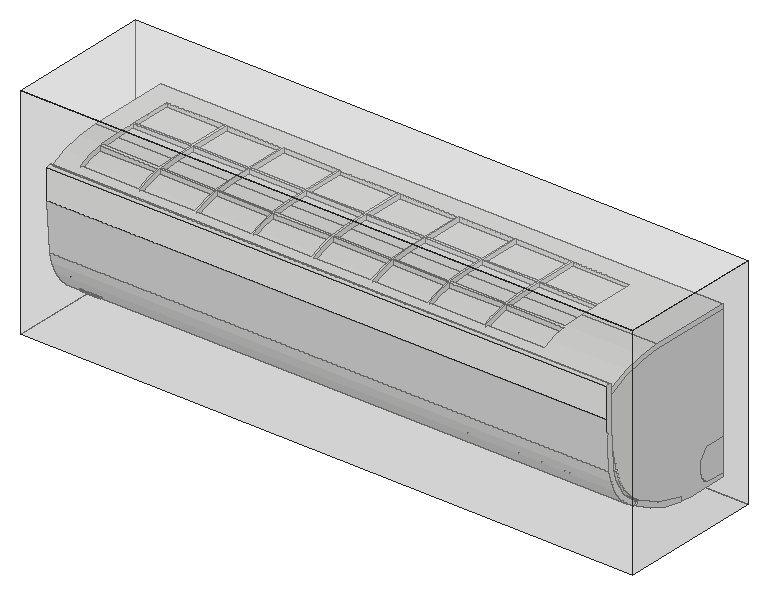
Revit family "outputfile", category 機械設備, Revit 2024
Family settings
  丸型コネクタ寸法 = 半径を使用
  パーツ タイプ = 標準
  OmniClass 番号 = 23.75.10.24.21.27.27
  OmniClass タイトル = Split System Air Conditioning Units
  作業面ベース = いいえ
  常に垂直 = はい
  ロード時にボイドで切り取り = いいえ
  注釈の向きを維持 = いいえ
  共有 = いいえ
  部屋計算ポイント = いいえ
Parameters (values of type "FXAQ63AVM4")
  Description = ""
  製造元 = "Daikin"
  書き出し IFC クラス(タイプ) = "IfcUnitaryEquipmentType"
  定義済み IFC タイプ(タイプ) = "AIRCONDITIONINGUNIT"
  Cost = 0
  モデル = "FXAQ63AVM4"
  Type Comments = ""
  Keynote = ""
  Type Image = (empty or 0)
  Assembly Code = ""
  w3_Indoor air flow = if(Width = 1050.0 mm, 109.0 mm, 1.0 mm)  # 109.0 mm
  w2_Indoor air flow = if(Width = 1050.0 mm, 103.0 mm, 98.0 mm)  # 103.0 mm
  w1_Indoor air flow = if(Width = 1050.0 mm, 108.0 mm, 103.0 mm)  # 108.0 mm
  r_Liquid Pipe Size = Liquid Pipe Size / 2  # 4.75 mm
  r_Gas Pipe Size = Gas Pipe Size / 2  # 7.95 mm
  r_Drain Pipe Size = Drain Pipe Size / 2  # 7.5 mm
  lw_powersupply [instance] = if(Width = 795.0 mm, if(or(Rear Right Connection_refrigerant, Bottom Right Connection_refrigerant), 83.0 mm, if(or(Rear Left Connection_refrigerant, Bottom Left Connection_refrigerant), 740.0 mm, 400.0 mm)), if(Width = 1050.0 mm, if(or(Rear Right Connection_refrigerant, Bottom Right Connection_refrigerant), 83.0 mm, if(or(Rear Left Connection_refrigerant, Bottom Left Connection_refrigerant), 712.0 mm + (1050.0 mm - 795.0 mm), 400.0 mm)), if(or(Rear Right Connection_refrigerant, Bottom Right Connection_refrigerant), 83.0 mm, if(or(Rear Left Connection_refrigerant, Bottom Left Connection_refrigerant), 712.0 mm, 400.0 mm))))  # 400.0 mm
  lw_liquidpipe [instance] = if(Width = 795.0 mm, if(or(Rear Right Connection_refrigerant, Bottom Right Connection_refrigerant), 0.0 mm, if(or(Rear Left Connection_refrigerant, Bottom Left Connection_refrigerant), 627.0 mm, 460.0 mm)), if(Width = 1050.0 mm, if(or(Rear Right Connection_refrigerant, Bottom Right Connection_refrigerant), 0.0 mm, if(or(Rear Left Connection_refrigerant, Bottom Left Connection_refrigerant), 627.0 mm + (1050.0 mm - 795.0 mm), 460.0 mm)), if(or(Rear Right Connection_refrigerant, Bottom Right Connection_refrigerant), 0.0 mm, if(or(Rear Left Connection_refrigerant, Bottom Left Connection_refrigerant), 627.0 mm, 460.0 mm))))  # 460.0 mm
  lw_gaspipe [instance] = if(Width = 795.0 mm, if(or(Rear Right Connection_refrigerant, Bottom Right Connection_refrigerant), 0.0 mm, if(or(Rear Left Connection_refrigerant, Bottom Left Connection_refrigerant), 620.0 mm, 415.0 mm)), if(Width = 1050.0 mm, if(or(Rear Right Connection_refrigerant, Bottom Right Connection_refrigerant), 0.0 mm, if(or(Rear Left Connection_refrigerant, Bottom Left Connection_refrigerant), 620.0 mm + (1050.0 mm - 795.0 mm), 415.0 mm)), if(or(Rear Right Connection_refrigerant, Bottom Right Connection_refrigerant), 0.0 mm, if(or(Rear Left Connection_refrigerant, Bottom Left Connection_refrigerant), 620.0 mm, 415.0 mm))))  # 415.0 mm
  lw_drainpipe [instance] = if(Width = 795.0 mm, if(or(Rear Right Connection_refrigerant, Bottom Right Connection_refrigerant), 0.0 mm, if(or(Rear Left Connection_refrigerant, Bottom Left Connection_refrigerant), 655.0 mm, 475.0 mm)), if(Width = 1050.0 mm, if(or(Rear Right Connection_refrigerant, Bottom Right Connection_refrigerant), 0.0 mm, if(or(Rear Left Connection_refrigerant, Bottom Left Connection_refrigerant), 655.0 mm + (1050.0 mm - 795.0 mm), 475.0 mm)), if(or(Rear Right Connection_refrigerant, Bottom Right Connection_refrigerant), 0.0 mm, if(or(Rear Left Connection_refrigerant, Bottom Left Connection_refrigerant), 655.0 mm, 475.0 mm))))  # 475.0 mm
  l_powersupply_length [instance] = if(Width = 795.0 mm, if(Right Connection_refrigerant, 400.0 mm, if(Left Connection_refrigerant, 395.0 mm, if(or(Rear Left Connection_refrigerant, Rear Right Connection_refrigerant), 15.0 mm, 50.0 mm))), if(Width = 1050.0 mm, if(Right Connection_refrigerant, 400.0 mm, if(Left Connection_refrigerant, 395.0 mm + (1050.0 mm - 795.0 mm), if(or(Rear Left Connection_refrigerant, Rear Right Connection_refrigerant), 15.0 mm, 50.0 mm))), if(Right Connection_refrigerant, 400.0 mm, if(Left Connection_refrigerant, 395.0 mm, if(or(Rear Left Connection_refrigerant, Rear Right Connection_refrigerant), 15.0 mm, 50.0 mm)))))  # 400.0 mm
  l_liquidpipe_length [instance] = if(Width = 795.0 mm, if(Right Connection_refrigerant, 558.0 mm, if(Left Connection_refrigerant, 237.0 mm, if(or(Rear Left Connection_refrigerant, Rear Right Connection_refrigerant), 30.0 mm, 40.0 mm))), if(Width = 1050.0 mm, if(Right Connection_refrigerant, 558.0 mm, if(Left Connection_refrigerant, 237.0 mm + (1050.0 mm - 795.0 mm), if(or(Rear Left Connection_refrigerant, Rear Right Connection_refrigerant), 30.0 mm, 40.0 mm))), if(Right Connection_refrigerant, 558.0 mm, if(Left Connection_refrigerant, 237.0 mm, if(or(Rear Left Connection_refrigerant, Rear Right Connection_refrigerant), 30.0 mm, 40.0 mm)))))  # 558.0 mm
  l_gaspipe_length [instance] = if(Width = 795.0 mm, if(Right Connection_refrigerant, 513.0 mm, if(Left Connection_refrigerant, 282.0 mm, if(or(Rear Left Connection_refrigerant, Rear Right Connection_refrigerant), 40.0 mm, 50.0 mm))), if(Width = 1050.0 mm, if(Right Connection_refrigerant, 513.0 mm, if(Left Connection_refrigerant, 282.0 mm + (1050.0 mm - 795.0 mm), if(or(Rear Left Connection_refrigerant, Rear Right Connection_refrigerant), 40.0 mm, 50.0 mm))), if(Right Connection_refrigerant, 513.0 mm, if(Left Connection_refrigerant, 282.0 mm, if(or(Rear Left Connection_refrigerant, Rear Right Connection_refrigerant), 40.0 mm, 50.0 mm)))))  # 513.0 mm
  l_drainpipe_length [instance] = if(Width = 795.0 mm, if(Right Connection_refrigerant, 573.0 mm, if(Left Connection_refrigerant, 222.0 mm, if(or(Rear Left Connection_refrigerant, Rear Right Connection_refrigerant), 15.0 mm, 20.0 mm))), if(Width = 1050.0 mm, if(Right Connection_refrigerant, 573.0 mm, if(Left Connection_refrigerant, 222.0 mm + (1050.0 mm - 795.0 mm), if(or(Rear Left Connection_refrigerant, Rear Right Connection_refrigerant), 15.0 mm, 20.0 mm))), if(Right Connection_refrigerant, 573.0 mm, if(Left Connection_refrigerant, 477.0 mm, if(or(Rear Left Connection_refrigerant, Rear Right Connection_refrigerant), 15.0 mm, 20.0 mm)))))  # 573.0 mm
  h*** = 0.0 mm  # constant formula
  d1_Indoor air flow = if(Width = 1050.0 mm, 38.0 mm, 35.0 mm)  # 38.0 mm
  angle_vertical [instance] = if(or(Bottom Left Connection_refrigerant, Bottom Right Connection_refrigerant), 0.00°, 90.00°)  # 90.00°
  angle_horizontal [instance] = if(Right Connection_refrigerant, 90.00°, if(Left Connection_refrigerant, -90.00°, if(or(Rear Left Connection_refrigerant, Rear Right Connection_refrigerant), 180.00°, 0.00°)))  # 90.00°
  Width = 1050.0 mm
  Voltage_comment_50Hz = "220-240"
  Voltage_50Hz = 230 V
  Version = "ver.1.0"
  Unit Type = "Wall Mounted Type"
  Unit Mass Weight = 14.00 kg
  Unit Designation [instance] = ""
  Uniclass2015Version = "Products v1.30"
  Uniclass2015Title = "Variable refrigerant flow units"
  Uniclass2015Code = "Pr_70_65_03_94"
  URL = ""
  Total Heating Capacity [instance] = 0.000 kW
  Total Cooling Capacity [instance] = 0.000 kW
  Sound Pressure Level_M speed (dBA) = 0
  Sound Pressure Level_L speed (dBA) = 38.5
  Sound Pressure Level_H speed (dBA) = 46.5
  Sound Power Level_H speed (dB) = 0
  Series = "VRV Fan Coil Unit"
  Sensible Cooling Capacity [instance] = 0.000 kW
  Refrigerant Type = "R410A"
  Power Input (Heating) = 0.110 kW
  Power Input (Cooling) = 0.100 kW
  Phase_50Hz = 1
  Option Accessory 3 [instance] = ""
  Option Accessory 2 [instance] = ""
  Option Accessory 1 [instance] = ""
  Nominal Heating Capacity = 8.000 kW
  Nominal Cooling Capacity = 7.100 kW
  Minimum Circuit Amps_50Hz = 0.7 A
  Minimum Airflow = 840.00 m³/h
  Median Airflow = 0.00 m³/h
  Maximum Fuse Amps_50Hz = 15.0 A
  Maximum Airflow = 1140.00 m³/h
  Material_Casing = DAIKIN_White_Casing_indoorunit
  Load Classification = HVAC
  Liquid Pipe Size = 9.5 mm
  Link_Nested Family [instance] = ""
  IfcVersion = "0"
  IfcExportType = "AIRCONDITIONINGUNIT"
  IfcExportAs = "IfcUnitaryEquipmentType"
  Height = 290.0 mm
  Heating Entering Wet Bulb Temperature [instance] = 0.00 °C
  Heating Entering Dry Bulb Temperature [instance] = 0.00 °C
  Heating Ambient Wet Bulb Temperature [instance] = 0.00 °C
  Heating Ambient Dry Bulb Temperature [instance] = 0.00 °C
  Heat Exchanger Type = "Cross Fin Coil"
  Gas Pipe Size = 15.9 mm
  Frequency_50Hz = 50 Hz
  Fan Type = "Cross Flow Fan"
  Fan Drive = "Direct Drive"
  FCU Tag No. [instance] = ""
  Drain Pipe Size = 15.0 mm
  Design Supply Airflow [instance] = 0.00 m³/h
  Depth = 269.0 mm
  既定の高さ = 0.0 mm
  Cooling Entering Wet Bulb Temperature [instance] = 0.00 °C
  Cooling Entering Dry Bulb Temperature [instance] = 0.00 °C
  Cooling Ambient Wet Bulb Temperature [instance] = 0.00 °C
  Cooling Ambient Dry Bulb Temperature [instance] = 0.00 °C
  Clearance visibility [instance] = yes
  Clearance Top = 90.0 mm
  Clearance Right = 50.0 mm
  Clearance Rear = 0.0 mm
  Clearance Left = 50.0 mm
  Clearance Front = 0.0 mm
  Clearance Bottom = 30.0 mm
  Bottom Right Connection_refrigerant [instance] = no
  Bottom Left Connection_refrigerant [instance] = no
  Rear Right Connection_refrigerant [instance] = no
  Rear Left Connection_refrigerant [instance] = no
  Right Connection_refrigerant [instance] = yes
  Left Connection_refrigerant [instance] = no
Reference planes
  plane 1 "Back": y = 0
  plane 2: z = 0
  plane 3 "Center (Left/Right)": x = 0
  plane 4 "Center (Front/Back)": y = -134.5
  plane 5 "Front": y = -269
  plane 6 "Left": x = -525
  plane 7 "Right": x = 525
  plane 8 "Top": z = 0
  plane 9 "Bottom": z = -290
  plane 10 "Front panel_Left": x = -523
  plane 11 "Front panel_Right": x = 523
  plane 12: x = 389
  plane 13: x = 384
  plane 14: x = -573
  plane 15: x = 573
  plane 16: y = 0
  plane 17: y = -269
  plane 18: z = 90
  plane 19: z = -320
  plane 20: y = -38
  plane 21: y = -114.5
  plane 22: y = -190.5
  plane 23: y = -240
  plane 24: y = -118
  plane 25: y = -194
  plane 26: x = -50
  plane 27: x = -52
  plane 28: x = -48
  plane 29: x = 60
  plane 30: x = -160
  plane 31: x = -163
  plane 32: x = 63
  plane 33: x = -266
  plane 34: x = 166
  plane 35: x = -269
  plane 36: x = 169
  plane 37: x = -372
  plane 38: x = 272
  plane 39: x = -375
  plane 40: x = 275
  plane 41: x = 384
  plane 42: x = -484
  plane 43 "lw_Piping and Wiring intake": x = 427
  plane 44 "lw_gaspipe": x = 12
  plane 45 "lw_liquidpipe": x = -33
  plane 46 "lw_drainpipe": x = -48
  plane 47 "lh_drainpipe": z = -270
  plane 48 "lh_liquidpipe": z = -250
  plane 49 "lh_gaspipe": z = -240
  plane 50 "ld_drainpipe": y = -15
  plane 51 "ld_liquidpipe": y = -30
  plane 52 "ld_gaspipe": y = -40
  plane 53 "lw_powersupply": x = 125
Forms (mm)
  Extrusion 1, solid, material "DAIKIN_White_Casing_indoorunit" <- "Material_Casing"
    sketch origin (0, 0, 0) x (0, 1, 0) y (0, 0, 1)
      loop
        line (0, 0) -> (-153.182, 0)
        arc (-153.182, 0) -> (-207.578, -6.929) -> (-258.5, -27.273) r 216.99
        line (-258.5, -27.273) -> (-258.5, -36.477)
        arc (-258.5, -36.477) -> (-207.732, -15.245) -> (-153.182, -8) r 208.99
        line (-153.182, -8) -> (0, -8) -> (0, 0)
    from -525 to 525
  Extrusion 2, solid, material "DAIKIN_White_Casing_indoorunit" <- "Material_Casing"
    sketch origin (0, 0, 0) x (0, 1, 0) y (0, 0, 1)
      loop
        arc (-153.182, -8) -> (-207.732, -15.245) -> (-258.5, -36.477) r 208.99
        line (-258.5, -36.477) -> (-258.5, -86.08)
        arc (-258.5, -86.08) -> (-255.889, -129.793) -> (-248.094, -172.885) r 367.242
        arc (-248.094, -172.885) -> (-229.647, -212.392) -> (-197.378, -241.715) r 110.72
        arc (-197.378, -241.715) -> (-148.03, -265.605) -> (-95.247, -280.433) r 310.126
        line (-95.247, -280.433) -> (-95.247, -288.232)
        arc (-95.247, -288.232) -> (-84.534, -289.557) -> (-73.748, -290) r 131.592
        line (-73.748, -290) -> (0, -290) -> (0, -8) -> (-153.182, -8)
    from -525 to 525
  Extrusion 3, solid, material "DAIKIN_White_Casing_indoorunit" <- "Material_Casing"
    sketch origin (525, 1296.25, 1200) x (0, 1, 0) y (0, 0, 1)
      loop
        line (-1491.901, -1442.741) -> (-1496.494, -1450.482)
        arc (-1496.494, -1450.482) -> (-1447.058, -1474.911) -> (-1393.497, -1488.023) r 252.452
        line (-1393.497, -1488.023) -> (-1393.497, -1480.051)
        arc (-1393.497, -1480.051) -> (-1444.293, -1465.6) -> (-1491.901, -1442.741) r 310.126
    from 0 to -40.5
  Extrusion 4, solid, material "DAIKIN_White_Casing_indoorunit" <- "Material_Casing"
    sketch origin (0, 0, 0) x (0, 1, 0) y (0, 0, 1)
      loop
        line (-260, -76.896) -> (-260, -19.457) -> (-261.688, -19.457)
        arc (-261.688, -19.457) -> (-265.551, -20.17) -> (-269, -22.048) r 12.48
        line (-269, -22.048) -> (-269, -76.896) -> (-260, -76.896)
    from -523 to 523
  Extrusion 5, solid, material "DAIKIN_White_Casing_indoorunit" <- "Material_Casing"
    sketch origin (0, 0, 0) x (0, 1, 0) y (0, 0, 1)
      loop
        arc (-269, -76.896) -> (-267.342, -121.828) -> (-262.378, -166.517) r 609.735
        line (-262.378, -166.517) -> (-253.471, -165.192)
        arc (-253.471, -165.192) -> (-258.366, -121.165) -> (-260, -76.896) r 600.314
        line (-260, -76.896) -> (-269, -76.896)
    from -523 to 523
  Extrusion 6, solid, material "DAIKIN_White_Casing_indoorunit" <- "Material_Casing"
    sketch origin (0, 0, 0) x (0, 1, 0) y (0, 0, 1)
      loop
        arc (-262.378, -166.517) -> (-243.331, -214.672) -> (-204.947, -249.433) r 114
        line (-204.947, -249.433) -> (-200.324, -241.643)
        arc (-200.324, -241.643) -> (-235.845, -209.638) -> (-253.471, -165.192) r 104.894
        line (-253.471, -165.192) -> (-262.378, -166.517)
    from -523 to 523
  Extrusion 7, solid, material "DAIKIN_White_Casing_indoorunit" <- "Material_Casing"
    sketch origin (-525, 1296.25, 1200) x (0, 1, 0) y (0, 0, 1)
      loop
        arc (-1496.494, -1450.482) -> (-1447.058, -1474.911) -> (-1393.497, -1488.023) r 252.452
        line (-1393.497, -1488.023) -> (-1393.497, -1480.051)
        arc (-1393.497, -1480.051) -> (-1444.293, -1465.6) -> (-1491.901, -1442.741) r 310.126
        line (-1491.901, -1442.741) -> (-1496.494, -1450.482)
    from 0 to 40.5
  Extrusion 8, solid, material "DAIKIN_White_Casing_indoorunit" <- "Material_Casing"
    sketch origin (0, 0, 0) x (0, 1, 0) y (0, 0, 1)
      loop
        arc (-134.549, -280.22) -> (-116.045, -284.826) -> (-97.247, -288.023) r 252.452
        line (-97.247, -288.023) -> (-97.247, -280.051)
        arc (-97.247, -280.051) -> (-114.669, -276.142) -> (-131.838, -271.237) r 310.126
        line (-131.838, -271.237) -> (-134.549, -280.22)
    from -484.5 to 484.5
  Extrusion 9, solid, material "DAIKIN_White_Casing_indoorunit" <- "Material_Casing"
    sketch origin (389, -1524, 1789.769) x (0, 0, 1) y (0, -1, 0)
      loop
        line (-2032.51, -1328.35) -> (-2040.251, -1323.756)
        arc (-2040.251, -1323.756) -> (-2050.358, -1341.058) -> (-2059.061, -1359.107) r 252.452
        line (-2059.061, -1359.107) -> (-2050.603, -1364.126)
        arc (-2050.603, -1364.126) -> (-2042.135, -1345.945) -> (-2032.51, -1328.35) r 310.126
    from 0 to 95.5
  Extrusion 10, solid, material "DAIKIN_White_Casing_indoorunit" <- "Material_Casing"
    sketch origin (389, -1524, 1789.769) x (0, 0, 1) y (0, -1, 0)
      loop
        arc (-2059.061, -1359.107) -> (-2065.01, -1374.104) -> (-2069.989, -1389.451) r 252.452
        line (-2069.989, -1389.451) -> (-2061.006, -1392.162)
        arc (-2061.006, -1392.162) -> (-2056.142, -1378.019) -> (-2050.603, -1364.126) r 310.126
        line (-2050.603, -1364.126) -> (-2059.061, -1359.107)
    from 0 to 95.5
  Extrusion 11, solid, material "DAIKIN_White_Casing_indoorunit" <- "Material_Casing"
    sketch origin (384, -1524, 1089.438) x (0, 0, 1) y (0, -1, 0)
      loop
        arc (-1350.272, -1364.126) -> (-1341.805, -1345.945) -> (-1332.179, -1328.35) r 310.126
        line (-1332.179, -1328.35) -> (-1339.92, -1323.756)
        arc (-1339.92, -1323.756) -> (-1350.027, -1341.058) -> (-1358.73, -1359.107) r 252.452
        line (-1358.73, -1359.107) -> (-1350.272, -1364.126)
    from 0 to -868.5
  Extrusion 12, solid, material "DAIKIN_White_Casing_indoorunit" <- "Material_Casing"
    sketch origin (384, -1524, 1089.438) x (0, 0, 1) y (0, -1, 0)
      loop
        arc (-1360.675, -1392.162) -> (-1355.812, -1378.019) -> (-1350.272, -1364.126) r 310.126
        line (-1350.272, -1364.126) -> (-1358.73, -1359.107)
        arc (-1358.73, -1359.107) -> (-1364.679, -1374.104) -> (-1369.658, -1389.451) r 252.452
        line (-1369.658, -1389.451) -> (-1360.675, -1392.162)
    from 0 to -868.5
  Extrusion 13, void
    sketch origin (0, 0, 0) x (-1, 0, 0) y (0, -1, 0)
      loop
        line (48, 38) -> (48, 114.5) -> (-60, 114.5) -> (-60, 38) -> (48, 38)
      loop
        line (-63, 38) -> (-63, 114.5) -> (-166, 114.5) -> (-166, 38) -> (-63, 38)
      loop
        line (-169, 38) -> (-169, 114.5) -> (-272, 114.5) -> (-272, 38) -> (-169, 38)
      loop
        line (-275, 38) -> (-275, 114.5) -> (-384, 114.5) -> (-384, 38) -> (-275, 38)
      loop
        line (160, 38) -> (160, 114.5) -> (52, 114.5) -> (52, 38) -> (160, 38)
      loop
        line (-275, 118) -> (-275, 190.5) -> (-384, 190.5) -> (-384, 118) -> (-275, 118)
      loop
        line (-275, 194) -> (-275, 240) -> (-384, 240) -> (-384, 194) -> (-275, 194)
      loop
        line (-169, 240) -> (-272, 240) -> (-272, 194) -> (-169, 194) -> (-169, 240)
      loop
        line (-63, 240) -> (-166, 240) -> (-166, 194) -> (-63, 194) -> (-63, 240)
      loop
        line (-60, 194) -> (48, 194) -> (48, 240) -> (-60, 240) -> (-60, 194)
      loop
        line (160, 240) -> (52, 240) -> (52, 194) -> (160, 194) -> (160, 240)
      loop
        line (266, 240) -> (163, 240) -> (163, 194) -> (266, 194) -> (266, 240)
      loop
        line (372, 240) -> (269, 240) -> (269, 194) -> (372, 194) -> (372, 240)
      loop
        line (163, 38) -> (266, 38) -> (266, 114.5) -> (163, 114.5) -> (163, 38)
      loop
        line (269, 38) -> (372, 38) -> (372, 114.5) -> (269, 114.5) -> (269, 38)
      loop
        line (372, 118) -> (372, 190.5) -> (269, 190.5) -> (269, 118) -> (372, 118)
      loop
        line (266, 118) -> (266, 190.5) -> (163, 190.5) -> (163, 118) -> (266, 118)
      loop
        line (160, 118) -> (160, 190.5) -> (52, 190.5) -> (52, 118) -> (160, 118)
      loop
        line (48, 118) -> (48, 190.5) -> (-60, 190.5) -> (-60, 118) -> (48, 118)
      loop
        line (-63, 118) -> (-63, 190.5) -> (-166, 190.5) -> (-166, 118) -> (-63, 118)
      loop
        line (-169, 118) -> (-169, 190.5) -> (-272, 190.5) -> (-272, 118) -> (-169, 118)
      loop
        line (375, 38) -> (484, 38) -> (484, 114.5) -> (375, 114.5) -> (375, 38)
      loop
        line (484, 118) -> (484, 190.5) -> (375, 190.5) -> (375, 118) -> (484, 118)
      loop
        line (484, 240) -> (375, 240) -> (375, 194) -> (484, 194) -> (484, 240)
    from 2 to -30
  Extrusion 14, solid, material "DAIKIN_White_Casing_indoorunit" <- "Material_Casing"
    sketch origin (0, 0, 0) x (1, 0, 0) y (0, 0, 1)
      loop
        circle (427, -246) r 40
      loop
        circle (-465, -246) r 40
    from 0 to 5
  Extrusion 15, solid, material "DAIKIN_White_Casing_indoorunit" <- "Material_Casing"
    sketch origin (525, 1296.25, 1200) x (0, -1, 0) y (0, 0, 1)
      loop
        line (1326.25, -1422) -> (1296.25, -1422) -> (1296.25, -1482) -> (1326.25, -1482)
        arc (1326.25, -1482) -> (1340.393, -1476.142) -> (1346.25, -1462) r 20
        line (1346.25, -1462) -> (1346.25, -1442)
        arc (1346.25, -1442) -> (1340.393, -1427.858) -> (1326.25, -1422) r 20
    from 0 to 5
  Extrusion 16, solid, material "DAIKIN_White_Casing_indoorunit" <- "Material_Casing"
    sketch origin (-525, 1296.25, 1200) x (0, 1, 0) y (0, 0, 1)
      loop
        line (-1296.25, -1422) -> (-1326.25, -1422)
        arc (-1326.25, -1422) -> (-1340.393, -1427.858) -> (-1346.25, -1442) r 20
        line (-1346.25, -1442) -> (-1346.25, -1462)
        arc (-1346.25, -1462) -> (-1340.393, -1476.142) -> (-1326.25, -1482) r 20
        line (-1326.25, -1482) -> (-1296.25, -1482) -> (-1296.25, -1422)
    from 0 to 5
  Extrusion 17, solid, material "DAIKIN_White_Casing_indoorunit" <- "Material_Casing"
    sketch origin (0, 0, -290) x (-1, 0, 0) y (0, -1, 0)
      loop
        line (-397, 0) -> (-397, 30)
        arc (-397, 30) -> (-402.858, 44.142) -> (-417, 50) r 20
        line (-417, 50) -> (-437, 50)
        arc (-437, 50) -> (-451.142, 44.142) -> (-457, 30) r 20
        line (-457, 30) -> (-457, 0) -> (-397, 0)
      loop
        line (495, 0) -> (495, 30)
        arc (495, 30) -> (489.142, 44.142) -> (475, 50) r 20
        line (475, 50) -> (455, 50)
        arc (455, 50) -> (440.858, 44.142) -> (435, 30) r 20
        line (435, 30) -> (435, 0) -> (495, 0)
    from 0 to 5
Cuts and joins
  joined: Extrusion 4, Extrusion 5, Extrusion 6
  joined: Extrusion 3, Extrusion 7, Extrusion 8
  Extrusion 13 cuts Extrusion 1
Lines and regions (mm)
  reference lines
    curve 1: line (-523, -230.394, -229.966) -> (-523, -223.117, -236.824)
Dimensions and locks
  equal spacing: plane 6 "Left", plane 3 "Center (Left/Right)", plane 7 "Right"
  "Width": plane 6 "Left" to plane 7 "Right"
  equal spacing: plane 5 "Front", plane 4 "Center (Front/Back)", plane 1 "Back"
  "Depth": plane 5 "Front" to plane 1 "Back"
  "Height": plane 8 "Top" to plane 9 "Bottom"
  locked: Extrusion 1 sketch curve to Extrusion 1 sketch curve at 8
  locked: Extrusion 2 sketch curve to plane 1 "Back" at 73.748
  locked: Extrusion 3 sketch curve to plane 1 "Back" at 97.247
  locked: Extrusion 4 sketch curve to Extrusion 4 sketch curve at 9
  locked: plane 8 "Top" to Extrusion 4 sketch curve at 19.457
  locked: plane 5 "Front" to Extrusion 6 sketch curve at 6.622
  locked: plane 5 "Front" to Extrusion 6 sketch curve at 15.529
  locked: plane 10 "Front panel_Left" to plane 6 "Left" at 2
  locked: plane 7 "Right" to plane 11 "Front panel_Right" at 2
  locked: cut or joined group of Extrusion 3, Extrusion 7, Extrusion 8 to Extrusion 9 sketch curve at 40
  locked: plane 7 "Right" to plane 12 at 136
  locked: plane 12 to plane 13 at 5
  "Clearance Left": plane 14 to plane 10 "Front panel_Left"
  "Clearance Right": plane 11 "Front panel_Right" to plane 15
  "Clearance Rear": plane 16 to plane 1 "Back"
  "Clearance Front": plane 17 to plane 5 "Front"
  "Clearance Top": plane 18 to plane 8 "Top"
  "Clearance Bottom": plane 9 "Bottom" to plane 19
  locked: nested 2 to plane 10 "Front panel_Left" at 50
  "d1_Indoor air flow": plane 20 to plane 1 "Back"
  locked: plane 20 to plane 21 at 76.5
  locked: plane 21 to plane 24 at 3.5
  locked: plane 24 to plane 22 at 72.5
  locked: plane 22 to plane 25 at 3.5
  locked: plane 25 to plane 23 at 46
  locked: plane 26 to plane 3 "Center (Left/Right)" at 50
  equal spacing: plane 27, plane 26, plane 28
  locked: plane 27 to plane 28 at 4
  "w1_Indoor air flow": plane 28 to plane 29
  "w1_Indoor air flow": plane 30 to plane 27
  locked: plane 31 to plane 30 at 3
  locked: plane 29 to plane 32 at 3
  "w2_Indoor air flow": plane 33 to plane 31
  "w2_Indoor air flow": plane 32 to plane 34
  locked: plane 35 to plane 33 at 3
  locked: plane 34 to plane 36 at 3
  locked: plane 37 to plane 35 at 103
  locked: plane 36 to plane 38 at 103
  locked: plane 39 to plane 37 at 3
  locked: plane 38 to plane 40 at 3
  "w3_Indoor air flow": plane 40 to plane 41
  "w3_Indoor air flow": plane 42 to plane 39
  locked: plane 9 "Bottom" to Extrusion 14 sketch curve at 44  (x2)
  locked: Extrusion 14 sketch curve to plane 6 "Left" at 60
  locked: plane 7 "Right" to Extrusion 14 sketch curve at 98
  locked: plane 43 "lw_Piping and Wiring intake" to plane 7 "Right" at 98
  "lw_gaspipe": plane 44 "lw_gaspipe" to plane 43 "lw_Piping and Wiring intake"
  "lw_liquidpipe": plane 45 "lw_liquidpipe" to plane 43 "lw_Piping and Wiring intake"
  "lw_drainpipe": plane 46 "lw_drainpipe" to plane 43 "lw_Piping and Wiring intake"
  locked: plane 47 "lh_drainpipe" to plane 9 "Bottom" at 20
  locked: plane 48 "lh_liquidpipe" to plane 9 "Bottom" at 40
  locked: plane 49 "lh_gaspipe" to plane 9 "Bottom" at 50
  locked: plane 50 "ld_drainpipe" to plane 1 "Back" at 15
  locked: plane 1 "Back" to plane 51 "ld_liquidpipe" at 30
  locked: plane 1 "Back" to plane 52 "ld_gaspipe" at 40
  Extrusion 15 sketch curve to Extrusion 15 sketch curve to plane 9 "Bottom" = 60.0 mm locked, 8.0 mm locked
  locked: Extrusion 15 sketch curve to Extrusion 15 sketch curve at 50
  locked: Extrusion 17 sketch curve to Extrusion 17 sketch curve at 60  (x2)
  locked: Extrusion 17 sketch curve to Extrusion 17 sketch curve at 50
  locked: Extrusion 17 sketch curve to plane 43 "lw_Piping and Wiring intake" at 30
  locked: plane 6 "Left" to Extrusion 17 sketch curve at 30
  "lw_powersupply": plane 53 "lw_powersupply" to plane 7 "Right"
  radius of Extrusion 5 sketch curve = 609.735 mm
  radius of Extrusion 5 sketch curve = 600.314 mm
  aligned and locked: level to plane 2
  aligned and locked: plane 8 "Top" to Extrusion 1 sketch curve
  aligned and locked: plane 1 "Back" to Extrusion 1 sketch curve
  aligned and locked: Extrusion 1 to plane 6 "Left"
  aligned and locked: plane 7 "Right" to Extrusion 1
  aligned and locked: Extrusion 2 sketch curve to Extrusion 1
  aligned and locked: Extrusion 1 to Extrusion 2 sketch curve
  aligned and locked: plane 1 "Back" to Extrusion 2 sketch curve
  aligned and locked: Extrusion 2 sketch curve to plane 9 "Bottom"
  aligned and locked: Extrusion 2 to plane 6 "Left"
  aligned and locked: plane 7 "Right" to Extrusion 2
  aligned and locked: Extrusion 3 sketch curve to Extrusion 2
  aligned and locked: plane 5 "Front" to Extrusion 4 sketch curve
  aligned and locked: Extrusion 5 sketch curve to Extrusion 4
  aligned and locked: Extrusion 6 sketch curve to Extrusion 5
  aligned and locked: cut or joined group of Extrusion 4, Extrusion 5, Extrusion 6 to plane 11 "Front panel_Right"  (x3)
  aligned and locked: plane 10 "Front panel_Left" to cut or joined group of Extrusion 4, Extrusion 5, Extrusion 6  (x3)
  aligned and locked: Extrusion 7 sketch curve to Extrusion 3  (x4)
  aligned and locked: Extrusion 8 sketch curve to Extrusion 3  (x3)
  aligned and locked: Extrusion 8 to Extrusion 3
  aligned and locked: Extrusion 8 to Extrusion 7
  aligned and locked: Extrusion 9 sketch curve to cut or joined group of Extrusion 3, Extrusion 7, Extrusion 8  (x3)
  aligned and locked: Extrusion 10 sketch curve to cut or joined group of Extrusion 3, Extrusion 7, Extrusion 8  (x3)
  aligned and locked: Extrusion 10 sketch curve to Extrusion 9
  aligned and locked: Extrusion 9 to cut or joined group of Extrusion 3, Extrusion 7, Extrusion 8
  aligned and locked: Extrusion 10 to cut or joined group of Extrusion 3, Extrusion 7, Extrusion 8
  aligned and locked: Extrusion 11 sketch curve to Extrusion 9  (x4)
  aligned and locked: Extrusion 11 to cut or joined group of Extrusion 3, Extrusion 7, Extrusion 8
  aligned and locked: Extrusion 12 sketch curve to Extrusion 10  (x4)
  aligned and locked: Extrusion 12 to cut or joined group of Extrusion 3, Extrusion 7, Extrusion 8
  aligned and locked: plane 16 to nested 1
  aligned and locked: nested 1 to plane 17
  aligned and locked: plane 14 to nested 1
  aligned and locked: plane 15 to nested 1
  aligned and locked: plane 19 to nested 1
  aligned and locked: plane 18 to nested 1
  aligned and locked: nested 2 to curve 1
  aligned and locked: Extrusion 13 sketch curve to plane 20  (x5)
  aligned and locked: plane 28 to Extrusion 13 sketch curve  (x2)
  aligned and locked: plane 21 to Extrusion 13 sketch curve  (x5)
  aligned and locked: Extrusion 13 sketch curve to plane 29  (x2)
  aligned and locked: plane 32 to Extrusion 13 sketch curve  (x2)
  aligned and locked: Extrusion 13 sketch curve to plane 34  (x2)
  aligned and locked: plane 36 to Extrusion 13 sketch curve  (x2)
  aligned and locked: Extrusion 13 sketch curve to plane 38  (x2)
  aligned and locked: plane 40 to Extrusion 13 sketch curve  (x3)
  aligned and locked: Extrusion 13 sketch curve to plane 41  (x3)
  aligned and locked: plane 30 to Extrusion 13 sketch curve  (x2)
  aligned and locked: Extrusion 13 sketch curve to plane 27  (x2)
  aligned and locked: Extrusion 13 sketch curve to plane 24  (x8)
  aligned and locked: plane 22 to Extrusion 13 sketch curve  (x8)
  aligned and locked: Extrusion 13 sketch curve to plane 25
  aligned and locked: plane 23 to Extrusion 13 sketch curve
  aligned and locked: Extrusion 13 sketch curve to plane 23  (x7)
  aligned and locked: Extrusion 13 sketch curve to plane 36
  aligned and locked: plane 25 to Extrusion 13 sketch curve  (x7)
  aligned and locked: plane 38 to Extrusion 13 sketch curve
  aligned and locked: Extrusion 13 sketch curve to plane 32
  aligned and locked: plane 34 to Extrusion 13 sketch curve
  aligned and locked: plane 29 to Extrusion 13 sketch curve
  aligned and locked: Extrusion 13 sketch curve to plane 28
  aligned and locked: Extrusion 13 sketch curve to plane 30
  aligned and locked: plane 27 to Extrusion 13 sketch curve
  aligned and locked: Extrusion 13 sketch curve to plane 33  (x2)
  aligned and locked: plane 31 to Extrusion 13 sketch curve  (x2)
  aligned and locked: Extrusion 13 sketch curve to plane 37  (x2)
  aligned and locked: plane 35 to Extrusion 13 sketch curve  (x2)
  aligned and locked: plane 20 to Extrusion 13 sketch curve  (x3)
  aligned and locked: Extrusion 13 sketch curve to plane 21  (x3)
  aligned and locked: plane 37 to Extrusion 13 sketch curve
  aligned and locked: Extrusion 13 sketch curve to plane 35
  aligned and locked: plane 33 to Extrusion 13 sketch curve
  aligned and locked: Extrusion 13 sketch curve to plane 31
  aligned and locked: plane 39 to Extrusion 13 sketch curve  (x2)
  aligned and locked: Extrusion 13 sketch curve to plane 42  (x2)
  aligned and locked: plane 42 to Extrusion 13 sketch curve
  aligned and locked: Extrusion 13 sketch curve to plane 39
  aligned and locked: plane 1 "Back" to Extrusion 15 sketch curve
  aligned and locked: Extrusion 16 sketch curve to Extrusion 15  (x4)
  aligned and locked: Extrusion 17 sketch curve to Extrusion 17 sketch curve  (x2)
  aligned and locked: plane 1 "Back" to Extrusion 17 sketch curve
  aligned and locked: plane 44 "lw_gaspipe" to nested 3
  aligned and locked: nested 3 to plane 52 "ld_gaspipe"
  aligned and locked: plane 45 "lw_liquidpipe" to nested 4
  aligned and locked: nested 4 to plane 51 "ld_liquidpipe"
  aligned and locked: plane 46 "lw_drainpipe" to nested 5
  aligned and locked: nested 5 to plane 50 "ld_drainpipe"
  aligned and locked: nested 6 to plane 50 "ld_drainpipe"
  aligned and locked: plane 53 "lw_powersupply" to nested 6
  aligned and locked: level to plane 8 "Top"
Automatic sketch dimensions
  Extrusion 1 sketch curve to plane 8 "Top" = 0.0 mm
  Extrusion 1 sketch curve to plane 4 "Center (Front/Back)" = 18.682 mm
  Extrusion 1 sketch curve to Extrusion 1 sketch curve = 9.205 mm
  Extrusion 1 sketch curve to Extrusion 1 sketch curve = 0.0 mm  (x3)
  Extrusion 1 sketch curve to plane 5 "Front" = 10.5 mm
  Extrusion 2 sketch curve to plane 4 "Center (Front/Back)" = 6.011 mm
  plane 9 "Bottom" to Extrusion 2 sketch curve = 9.567 mm
  Extrusion 2 sketch curve to Extrusion 2 sketch curve = 21.499 mm
  plane 1 "Back" to Extrusion 2 sketch curve = 38.095 mm
  Extrusion 2 sketch curve to plane 8 "Top" = 86.08 mm
  Extrusion 2 sketch curve to Extrusion 2 sketch curve = 7.799 mm
  Extrusion 2 sketch curve to Extrusion 2 sketch curve = 11.695 mm
  plane 8 "Top" to Extrusion 2 sketch curve = 24.382 mm
  Extrusion 2 sketch curve to Extrusion 2 sketch curve = 0.0 mm  (x2)
  Extrusion 4 sketch curve to Extrusion 4 sketch curve = 1.688 mm
  Extrusion 4 sketch curve to plane 5 "Front" = 7.618 mm
  Extrusion 4 sketch curve to Extrusion 4 sketch curve = 12.476 mm
  Extrusion 4 sketch curve to Extrusion 4 sketch curve = 44.963 mm
  Extrusion 5 sketch curve to Extrusion 5 sketch curve = 0.421 mm
  Extrusion 5 sketch curve to plane 5 "Front" = 6.622 mm
  Extrusion 5 sketch curve to Extrusion 5 sketch curve = 8.907 mm
  Extrusion 5 sketch curve to plane 5 "Front" = 0.0 mm
  plane 9 "Bottom" to Extrusion 6 sketch curve = 40.567 mm
  Extrusion 6 sketch curve to Extrusion 6 sketch curve = 4.622 mm
  Extrusion 6 sketch curve to Extrusion 6 sketch curve = 0.102 mm
  Extrusion 6 sketch curve to Extrusion 6 sketch curve = 0.003 mm
  Extrusion 6 sketch curve to Extrusion 6 sketch curve = 48.524 mm
  Extrusion 6 sketch curve to Extrusion 6 sketch curve = 50.607 mm
  plane 9 "Bottom" to Extrusion 3 sketch curve = 47.259 mm
  Extrusion 3 sketch curve to Extrusion 3 sketch curve = 4.593 mm
  plane 1 "Back" to Extrusion 3 sketch curve = 64.356 mm
  plane 9 "Bottom" to Extrusion 3 sketch curve = 1.977 mm
  Extrusion 3 sketch curve to Extrusion 3 sketch curve = 7.741 mm
  plane 4 "Center (Front/Back)" to Extrusion 8 sketch curve = 2.662 mm
  Extrusion 8 sketch curve to plane 4 "Center (Front/Back)" = 0.049 mm
  plane 9 "Bottom" to curve 1 = 53.176 mm
  curve 1 to plane 5 "Front" = 45.883 mm
  curve 1 to curve 1 = 6.859 mm
  curve 1 to curve 1 = 7.277 mm
  Extrusion 15 sketch curve to plane 51 "ld_liquidpipe" = 0.0 mm  (x2)
  Extrusion 17 sketch curve to plane 51 "ld_liquidpipe" = 0.0 mm  (x4)
  radius of Extrusion 14 sketch curve = 40.0 mm  (x2)
Nested families
  nested 1: "daikin_clearancespace" at (0, -134.5, -114.881), show <- "Clearance visibility", visible <- "Clearance visibility", Link_Nested Family <- "Link_Nested Family", type "daikin_clearancespace"
    with width 1146.0 mm, show yes, height 410.0 mm, depth 269.0 mm, Link_Nested Family ""
  nested 2: "daikin_logo_plane_w40" at (-473, -230.722, -229.657) x (1, 0, 0) z (0, -0.6859, -0.7277), type "daikin_logo_plane_w40"
    with show_logo yes
  nested 3: "daikin_connector_rotate3" at (12, -40, -240), angle_vertical <- "angle_vertical", angle_horizontal <- "angle_horizontal", length <- "l_gaspipe_length", radius <- "r_Gas Pipe Size", type "daikin_connector_rotate3"
    with show no, radius 7.95 mm, length 513.0 mm, angle_vertical 90.00°, angle_horizontal 90.00°
  nested 4: "daikin_connector_rotate3" at (-33, -30, -250), angle_vertical <- "angle_vertical", angle_horizontal <- "angle_horizontal", radius <- "r_Liquid Pipe Size", length <- "l_liquidpipe_length", type "daikin_connector_rotate3"
    with show no, radius 4.75 mm, length 558.0 mm, angle_vertical 90.00°, angle_horizontal 90.00°
  nested 5: "daikin_connector_rotate3" at (-48, -15, -270), angle_vertical <- "angle_vertical", angle_horizontal <- "angle_horizontal", length <- "l_drainpipe_length", radius <- "r_Drain Pipe Size", type "daikin_connector_rotate3"
    with show no, radius 7.5 mm, length 573.0 mm, angle_vertical 90.00°, angle_horizontal 90.00°
  nested 6: "daikin_connector_rotate3" at (125, -15, -240), angle_vertical <- "angle_vertical", angle_horizontal <- "angle_horizontal", length <- "l_powersupply_length", type "daikin_connector_rotate3"
    with show no, radius 10.0 mm, length 400.0 mm, angle_vertical 90.00°, angle_horizontal 90.00°
Connectors
  piping at (525, -40, -240), diameter 15.9, driven by "r_Gas Pipe Size"
    settings: on nested 3, index 1, connector inside diameter 609.6 mm, connector length 0.0 mm, flow factor 0, pipe flow 0.00 m³/h, pressure drop 0.0 Pa, fitting loss kfactor 0, connector angle 0.00°, fixture units 0, engagement length 0.0 mm, angle of deflection 0.00°, flow configuration 1, flow direction 2, fitting loss method 0, system type 29, joint type 0, gender type 0, connector reference index -1, connector utility 0, adjustable connector no, is connector primary yes, connector description "Refrigerant Gas Piping"
  piping at (525, -30, -250), diameter 9.5, driven by "r_Liquid Pipe Size"
    settings: on nested 4, index 2, connector inside diameter 609.6 mm, connector length 0.0 mm, flow factor 0, pipe flow 0.00 m³/h, pressure drop 0.0 Pa, fitting loss kfactor 0, connector angle 0.00°, fixture units 0, engagement length 0.0 mm, angle of deflection 0.00°, flow configuration 1, flow direction 1, fitting loss method 0, system type 29, joint type 0, gender type 0, connector reference index -1, connector utility 0, adjustable connector no, is connector primary no, connector description "Refrigerant Liquid Piping"
  piping at (525, -15, -270), diameter 15, driven by "r_Drain Pipe Size"
    settings: on nested 5, index 3, connector inside diameter 609.6 mm, connector length 0.0 mm, flow factor 0, pipe flow 0.00 m³/h, pressure drop 0.0 Pa, fitting loss kfactor 0, connector angle 0.00°, fixture units 0, engagement length 0.0 mm, angle of deflection 0.00°, flow configuration 1, flow direction 2, fitting loss method 4, system type 16, joint type 0, gender type 0, connector reference index -1, connector utility 0, adjustable connector no, is connector primary no, connector description "Condensate Drain Piping"
  electrical at (525, -15, -240), driven by "Load Classification"
    settings: on nested 6, index 4, voltage 0 V, apparent load 0 VA, apparent load phase1 0 VA, apparent load phase2 0 VA, apparent load phase3 0 VA, power factor 1, load classification "HVAC", number of poles 1, system type 30, power factor state 1, is connector primary yes, connector utility no, sub classification motor no, connector description "Power Supply"
Definition of nested family "daikin_clearancespace"
  Parameters (values of type "daikin_clearancespace")
    Description = "daikin_clearancespace"
    width [instance] = 1823.963 mm
    show [instance] = yes
    material = none
    height [instance] = 1359.762 mm
    depth [instance] = 880.0 mm
    Default Elevation = 0.0 mm
    Link_Nested Family [instance] = ""
  Reference planes
    plane 1 "Center (Front/Back)": y = 0
    plane 2 "Center (Elevation)": z = -0.119
    plane 3 "Center (Left/Right)": x = 0
    plane 4: y = 440
    plane 5: y = -440
    plane 6 "Right": x = 911.982
    plane 7 "Left": x = -911.982
    plane 8 "Top": z = 679.762
    plane 9 "Bottom": z = -680
  Forms (mm)
    Extrusion 1, solid, material <- "material", visible <- "show"
      sketch origin (0, 0, 0) x (1, 0, 0) y (0, 1, 0)
        loop
          line (-911.982, 440) -> (-911.982, -440) -> (911.982, -440) -> (911.982, 440) -> (-911.982, 440)
      from -680 to 679.762
  Lines and regions (mm)
    symbolic lines, visible <- "show"
      curve 1: line (911.982, 440, 0) -> (-911.982, 440, 0)
      curve 2: line (-911.982, 440, 0) -> (-911.982, -440, 0)
      curve 3: line (-911.982, -440, 0) -> (911.982, -440, 0)
      curve 4: line (911.982, -440, 0) -> (911.982, 440, 0)
      curve 5: line (911.982, 0, 679.762) -> (-911.982, 0, 679.762)
      curve 6: line (911.982, 0, -680) -> (911.982, 0, 679.762)
      curve 7: line (-911.982, 0, -680) -> (911.982, 0, -680)
      curve 8: line (-911.982, 0, 679.762) -> (-911.982, 0, -680)
      curve 9: line (0, 440, 679.762) -> (0, -440, 679.762)
      curve 10: line (0, -440, 679.762) -> (0, -440, -680)
      curve 11: line (0, 440, -680) -> (0, 440, 679.762)
      curve 12: line (0, -440, -680) -> (0, 440, -680)
  Dimensions and locks
    "width": plane 7 "Left" to plane 6 "Right"
    "depth": plane 4 to plane 5
    "height": plane 8 "Top" to plane 9 "Bottom"
    equal spacing: plane 7 "Left", plane 3 "Center (Left/Right)", plane 6 "Right"
    equal spacing: plane 4, plane 1 "Center (Front/Back)", plane 5
    equal spacing: plane 8 "Top", plane 2 "Center (Elevation)", plane 9 "Bottom"
    aligned and locked: level to plane 2 "Center (Elevation)"
    aligned and locked: Extrusion 1 sketch curve to plane 4
    aligned and locked: plane 7 "Left" to Extrusion 1 sketch curve
    aligned and locked: Extrusion 1 sketch curve to plane 5
    aligned and locked: Extrusion 1 sketch curve to plane 6 "Right"
    aligned and locked: plane 8 "Top" to Extrusion 1
    aligned and locked: curve 1 to Extrusion 1
    aligned and locked: curve 2 to Extrusion 1
    aligned and locked: curve 3 to Extrusion 1
    aligned and locked: curve 4 to Extrusion 1
    aligned and locked: curve 5 to Extrusion 1
    aligned and locked: curve 6 to Extrusion 1
    aligned and locked: curve 7 to Extrusion 1
    aligned and locked: curve 8 to Extrusion 1
    aligned and locked: curve 9 to Extrusion 1
    aligned and locked: curve 10 to Extrusion 1
    aligned and locked: curve 11 to Extrusion 1
    aligned and locked: curve 12 to Extrusion 1
    aligned and locked: Extrusion 1 to plane 9 "Bottom"
Definition of nested family "daikin_logo_plane_w40"
  Parameters (values of type "daikin_logo_plane_w40")
    width = 40.0 mm
    show_logo [instance] = yes
    material = none
    height = 0.0 mm
    depth = 0.0 mm
    Default Elevation = 1219.2 mm
  Reference planes
    plane 1 "Center (Front/Back)": y = 0
    plane 2: z = 0
    plane 3 "Center (Left/Right)": x = 0
    plane 4: z = 2
    plane 5 "left": x = -19
    plane 6: x = 19
  Forms (mm)
    Extrusion 1, solid, visible <- "show_logo"
      sketch origin (-19, 0, 0) x (1, 0, 0) y (0, 1, 0)
        loop
          line (8.902, -1.878) -> (7.789, -6.332) -> (11.13, -6.332)
          arc (11.13, -6.332) -> (12.454, -6.064) -> (13.472, -5.176) r 2.642
          arc (13.472, -5.176) -> (13.92, -4.02) -> (13.767, -2.79) r 2.537
          arc (13.767, -2.79) -> (13.452, -2.342) -> (12.982, -2.06) r 1.321
          arc (12.982, -2.06) -> (12.063, -1.902) -> (11.13, -1.878) r 6.479
          line (11.13, -1.878) -> (8.902, -1.878)
        loop
          line (10.016, -5.441) -> (10.907, -5.441)
          arc (10.907, -5.441) -> (11.591, -4.983) -> (11.988, -4.261) r 1.742
          spline (11.988, -4.261) -> (12.01, -4.155) -> (12.027, -4.03) -> (12.037, -3.893) -> (12.037, -3.747) -> (12.026, -3.598) -> (12.002, -3.451) -> (11.962, -3.31) -> (11.905, -3.181) -> (11.829, -3.069) -> (11.731, -2.978) -> (11.61, -2.913) -> (11.464, -2.88)
          line (11.464, -2.88) -> (10.573, -2.88) -> (10.016, -5.441)
        loop
          line (13.58, -6.332) -> (14.805, -6.332) -> (15.223, -5.553) -> (16.977, -5.553) -> (17.144, -6.332) -> (19.149, -6.332) -> (18.258, -1.878) -> (16.03, -1.878) -> (13.58, -6.332)
        loop
          line (16.476, -3.214) -> (15.76, -4.551) -> (16.762, -4.551) -> (16.476, -3.214)
        loop
          line (19.705, -6.332) -> (21.599, -6.332) -> (22.712, -1.878) -> (20.819, -1.878) -> (19.705, -6.332)
        loop
          line (22.712, -6.332) -> (24.606, -6.332) -> (24.908, -5.122) -> (25.831, -6.332) -> (28.17, -6.332) -> (26.388, -3.994) -> (28.949, -1.878) -> (26.945, -1.878) -> (25.401, -3.153) -> (25.719, -1.878) -> (23.826, -1.878) -> (22.712, -6.332)
        loop
          line (29.84, -1.878) -> (28.615, -6.332) -> (30.62, -6.332) -> (31.734, -1.878) -> (29.84, -1.878)
        loop
          line (31.734, -6.332) -> (33.07, -6.332) -> (33.7, -3.814) -> (34.518, -6.332) -> (36.745, -6.332) -> (37.859, -1.878) -> (36.523, -1.878) -> (35.845, -4.589) -> (34.963, -1.878) -> (32.847, -1.878) -> (31.734, -6.332)
      from 0 to 2
    Extrusion 2, solid, visible <- "show_logo"
      sketch origin (-19, 0, 0) x (1, 0, 0) y (0, 1, 0)
        loop
          line (8.7, 0) -> (4.235, 0) -> (0, -3.879) -> (0, -8) -> (8.7, 0)
      from 0 to 2
    Extrusion 3, solid, visible <- "show_logo"
      sketch origin (-19, 0, 0) x (1, 0, 0) y (0, 1, 0)
        loop
          line (0, 0) -> (0, -3.879) -> (4.235, 0) -> (0, 0)
      from 0 to 2
  Dimensions and locks
    plane 4 to plane 2 = 2.0 mm
    equal spacing: plane 5 "left", plane 3 "Center (Left/Right)", plane 6
    locked: plane 5 "left" to plane 6 at 38
    aligned and locked: level to plane 2
    aligned and locked: Extrusion 3 to plane 1 "Center (Front/Back)"  (x2)
    aligned and locked: Extrusion 2 to plane 1 "Center (Front/Back)"  (x2)
    aligned and locked: plane 4 to Extrusion 1
    aligned and locked: plane 4 to Extrusion 3
    aligned and locked: plane 4 to Extrusion 2
    aligned and locked: Extrusion 3 to plane 5 "left"
    aligned and locked: Extrusion 2 to plane 5 "left"
  Automatic sketch dimensions
    Extrusion 1 sketch curve to Extrusion 1 sketch curve = 0.901 mm
    Extrusion 1 sketch curve to Extrusion 1 sketch curve = 1.559 mm
    Extrusion 1 sketch curve to Extrusion 1 sketch curve = 1.327 mm
    Extrusion 1 sketch curve to Extrusion 1 sketch curve = 2.145 mm
    Extrusion 1 sketch curve to Extrusion 1 sketch curve = 1.448 mm
    Extrusion 1 sketch curve to Extrusion 1 sketch curve = 2.116 mm
    Extrusion 1 sketch curve to Extrusion 1 sketch curve = 1.114 mm  (x4)
    Extrusion 1 sketch curve to Extrusion 1 sketch curve = 1.336 mm  (x2)
    plane 1 "Center (Front/Back)" to Extrusion 1 sketch curve = 1.878 mm  (x5)
    Extrusion 1 sketch curve to Extrusion 1 sketch curve = 1.893 mm  (x5)
    Extrusion 1 sketch curve to Extrusion 1 sketch curve = 0.891 mm  (x4)
    Extrusion 1 sketch curve to Extrusion 1 sketch curve = 2.005 mm  (x3)
    Extrusion 1 sketch curve to Extrusion 1 sketch curve = 0.445 mm  (x2)
    plane 1 "Center (Front/Back)" to Extrusion 1 sketch curve = 3.994 mm
    Extrusion 1 sketch curve to Extrusion 1 sketch curve = 0.557 mm  (x2)
    Extrusion 1 sketch curve to Extrusion 1 sketch curve = 2.339 mm  (x2)
    Extrusion 1 sketch curve to Extrusion 1 sketch curve = 1.225 mm  (x3)
    plane 1 "Center (Front/Back)" to Extrusion 1 sketch curve = 3.153 mm
    Extrusion 1 sketch curve to Extrusion 1 sketch curve = 0.987 mm
    plane 1 "Center (Front/Back)" to Extrusion 1 sketch curve = 5.122 mm
    Extrusion 1 sketch curve to Extrusion 1 sketch curve = 0.922 mm
    plane 1 "Center (Front/Back)" to Extrusion 1 sketch curve = 6.332 mm
    Extrusion 1 sketch curve to Extrusion 1 sketch curve = 2.562 mm
    plane 1 "Center (Front/Back)" to Extrusion 1 sketch curve = 5.553 mm
    Extrusion 1 sketch curve to Extrusion 1 sketch curve = 0.167 mm
    Extrusion 1 sketch curve to Extrusion 1 sketch curve = 0.215 mm
    plane 1 "Center (Front/Back)" to Extrusion 1 sketch curve = 3.214 mm
    Extrusion 1 sketch curve to Extrusion 1 sketch curve = 0.286 mm
    plane 1 "Center (Front/Back)" to Extrusion 1 sketch curve = 4.551 mm
    Extrusion 1 sketch curve to Extrusion 1 sketch curve = 1.002 mm
    Extrusion 1 sketch curve to Extrusion 1 sketch curve = 0.537 mm
    Extrusion 1 sketch curve to Extrusion 1 sketch curve = 0.418 mm
    Extrusion 1 sketch curve to Extrusion 1 sketch curve = 1.028 mm
    plane 1 "Center (Front/Back)" to Extrusion 1 sketch curve = 4.261 mm
    Extrusion 1 sketch curve to Extrusion 1 sketch curve = 0.563 mm
    plane 1 "Center (Front/Back)" to Extrusion 1 sketch curve = 2.88 mm
    Extrusion 1 sketch curve to Extrusion 1 sketch curve = 1.088 mm
    Extrusion 1 sketch curve to Extrusion 1 sketch curve = 2.152 mm
    Extrusion 1 sketch curve to Extrusion 1 sketch curve = 0.586 mm
    Extrusion 1 sketch curve to Extrusion 1 sketch curve = 0.118 mm
    Extrusion 1 sketch curve to Extrusion 1 sketch curve = 0.298 mm
    Extrusion 1 sketch curve to Extrusion 1 sketch curve = 0.334 mm
    Extrusion 1 sketch curve to Extrusion 1 sketch curve = 0.223 mm
    Extrusion 1 sketch curve to Extrusion 1 sketch curve = 0.266 mm
    Extrusion 1 sketch curve to Extrusion 1 sketch curve = 1.671 mm
    Extrusion 1 sketch curve to Extrusion 1 sketch curve = 2.227 mm
    Extrusion 1 sketch curve to Extrusion 1 sketch curve = 0.0 mm  (x7)
    Extrusion 1 sketch curve to Extrusion 1 sketch curve = 3.453 mm
    Extrusion 1 sketch curve to Extrusion 1 sketch curve = 2.017 mm
    Extrusion 1 sketch curve to Extrusion 1 sketch curve = 0.78 mm  (x2)
    Extrusion 1 sketch curve to Extrusion 1 sketch curve = 1.743 mm
    Extrusion 1 sketch curve to Extrusion 1 sketch curve = 0.775 mm
    Extrusion 1 sketch curve to Extrusion 1 sketch curve = 0.552 mm
    Extrusion 1 sketch curve to Extrusion 1 sketch curve = 0.014 mm
    Extrusion 1 sketch curve to Extrusion 1 sketch curve = 0.952 mm
    Extrusion 1 sketch curve to Extrusion 1 sketch curve = 1.215 mm
    Extrusion 1 sketch curve to Extrusion 1 sketch curve = 0.108 mm
    plane 1 "Center (Front/Back)" to Extrusion 2 sketch curve = 0.0 mm
    Extrusion 2 sketch curve to plane 3 "Center (Left/Right)" = 19.0 mm
    Extrusion 2 sketch curve to plane 3 "Center (Left/Right)" = 14.765 mm
    Extrusion 2 sketch curve to Extrusion 2 sketch curve = 4.465 mm
    plane 1 "Center (Front/Back)" to Extrusion 2 sketch curve = 3.879 mm
    Extrusion 2 sketch curve to Extrusion 2 sketch curve = 4.12 mm
    plane 1 "Center (Front/Back)" to Extrusion 3 sketch curve = 0.0 mm
    Extrusion 3 sketch curve to plane 3 "Center (Left/Right)" = 19.0 mm
    Extrusion 3 sketch curve to plane 3 "Center (Left/Right)" = 14.765 mm
    plane 1 "Center (Front/Back)" to Extrusion 3 sketch curve = 3.879 mm
    Extrusion 1 sketch curve to plane 3 "Center (Left/Right)" = 11.211 mm
    Extrusion 1 sketch curve to Extrusion 1 sketch curve = 1.782 mm
Definition of nested family "daikin_connector_rotate3"
  Parameters (values of type "daikin_connector_rotate3")
    show [instance] = yes
    radius [instance] = 10.0 mm
    length [instance] = 600.0 mm
    angle_horizontal [instance] = 60.00°
    angle_vertical [instance] = 90.00°
    Default Elevation = 1219.2 mm
  Reference planes
    plane 1 "Center (Front/Back)": y = 0
    plane 2: z = 0
    plane 3 "Center (Left/Right)": x = 0
  Dimensions and locks
    "angle_horizontal": angle plane 3 "Center (Left/Right)" to nested 1
    aligned and locked: level to plane 2
    aligned and locked: plane 1 "Center (Front/Back)" to nested 1  (x2)
    aligned and locked: plane 3 "Center (Left/Right)" to nested 1
  Nested families
    nested 1: "daikin_connector_rotate2" at (0, 0, 0) x (0.5, 0.866, 0) z (0, 0, 1), angle_vertical <- "angle_vertical", length <- "length", radius <- "radius", type "daikin_connector_rotate2"
      with radius 10.0 mm, length 600.0 mm, angle_vertical 90.00°
  Definition of nested family "daikin_connector_rotate2"
    Parameters (values of type "daikin_connector_rotate2")
      show_face = yes
      radius [instance] = 10.0 mm
      length [instance] = 600.0 mm
      d_surface = 10.0 mm
      angle_vertical [instance] = 90.00°
      Default Elevation = 0.0 mm
    Reference planes
      plane 1 "Center (Front/Back)": y = 0
      plane 2: z = 0
      plane 3 "Center (Left/Right)": x = 0
    Forms (mm)
      Extrusion 1, solid, visible <- "show_face"
        sketch origin (0, -600, 0) x (1, 0, 0) y (0, 0, 1)
          loop
            circle (0, 0) r 10
        from 0 to -10
    Lines and regions (mm)
      reference lines
        curve 1: line (0, 0, 0) -> (0, -600, 0)
      symbolic lines
        curve 2: circle (0, 0, 0) r 5 normal (0, 0, 1)
      model lines, visible <- "show_face"
        curve 3: line (0, 0, 0) -> (0, -600, 0)
    Dimensions and locks
      "length": curve 1 to curve 1
      "length": curve 3 to curve 3
      "d_surface": Extrusion 1 to Extrusion 1
      "radius": radius of Extrusion 1 sketch curve
      "angle_vertical": angle curve 1 to plane 1 "Center (Front/Back)"
      "angle_vertical": angle curve 3 to plane 1 "Center (Front/Back)"
      aligned and locked: level to plane 2
      aligned and locked: plane 1 "Center (Front/Back)" to curve 1
      aligned and locked: plane 2 to curve 1
      aligned and locked: plane 1 "Center (Front/Back)" to curve 2
      aligned and locked: plane 3 "Center (Left/Right)" to curve 2
      aligned and locked: plane 1 "Center (Front/Back)" to curve 3
      aligned and locked: plane 2 to curve 3
      aligned and locked: Extrusion 1 to Extrusion 1
    Automatic sketch dimensions
      Extrusion 1 sketch curve to level = 0.0 mm
      Extrusion 1 sketch curve to plane 3 "Center (Left/Right)" = 0.0 mm
      radius of curve 2 = 5.0 mm
